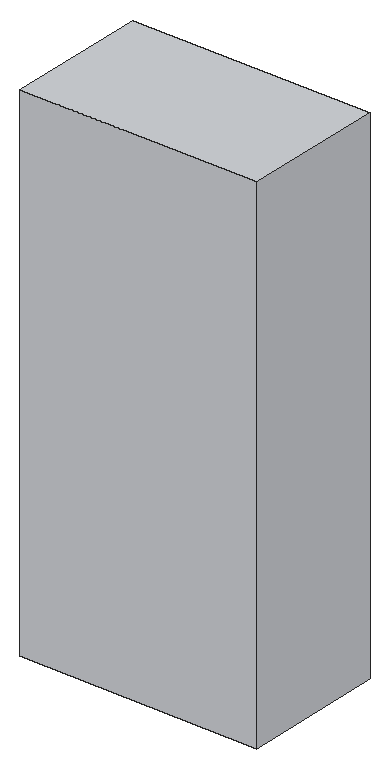
Revit family "PRD_FrankeWS_WtrSplySystmsCtrl_ElectronicModule_ZAQUA031", category Electrical Equipment, Revit 2018
Family settings
  Round Connector Dimension = Use Diameter
  Part Type = Equipment Switch
  OmniClass Number = 23.45.55.11
  OmniClass Title = Sanitary Components
  Work Plane-Based = No
  Always vertical = Yes
  Cut with Voids When Loaded = No
  Shared = No
  Room Calculation Point = No
Parameters (values of type "ZAQUA031")
  WarrantyStartDate [instance] = "1900-12-31T23:59:59"
  WarrantyGuarantorParts = "n/a"
  WarrantyGuarantorLabor = "n/a"
  WarrantyDurationUnit = "year"
  WarrantyDurationParts = "n/a"
  WarrantyDurationLabor = "n/a"
  WarrantyDescription = "n/a"
  Voltage = NominalVoltage  # "24"
  Version = "1"
  UsageCurrent = 0 A
  Uniclass2015Version = "Systems v1.7"
  Uniclass2015Title = "Water supply control systems"
  Uniclass2015Code = "Ss_75_70_52_96"
  URL = "www.kwc.com"
  TagNumber [instance] = "n/a"
  SustainabilityPerformance = "n/a"
  Size = "n/a"
  Shape = "n/a"
  SerialNumber [instance] = "n/a"
  Revision = "n/a"
  ReplacementCost = "n/a"
  ProductInformation = "https://pim.kwc.com/product/2000101509/attachment/datasheet?locale=en"
  PhaseReference = "0"
  PhaseAngle = 0.00°
  NumberOfPoles = 1
  NominalWidth = 0 mm
  NominalVoltage = "24"
  NominalLength = 0 mm
  NominalHeight = 0 mm
  NominalFrequencyRange = "50"
  NominalCurrent = 0 A
  NetWeight = 0.32 kg
  Name = "Electronic module ZAQUA031"
  NBSTypeID = "n/a"
  NBSReference = "75-75-50/110"
  NBSOfficeMasterTag = "n/a"
  NBSNote = "n/a"
  NBSDescription = "Water supply systems control"
  NBSCertification = "n/a"
  ModelReference = "ZAQUA031"
  ModelNumber = "2000101509"
  Model = ModelReference  # "ZAQUA031"
  Material = "n/a"
  ManufacturerURL = "www.kwc.com"
  ManufacturerName = "KWC Group AG"  # constant formula
  Manufacturer = ManufacturerName  # "KWC Group AG"
  InsulationStandardClass = "NotKnown"
  InstallationDate [instance] = "1900-12-31T23:59:59"
  IfcExportType = "NOTDEFINED"
  IfcExportAs = "IfcDistributionElement"
  IP_Code = "68"
  HasProtectiveEarth = yes
  GrossWeight = 0.501 kg
  Grade = "n/a"
  Finish = "n/a"
  Features = "n/a"
  ExpectedLife = "n/a"
  ElectronicModuleMaterial = none
  ElectricalDeviceNominalPower = 0 W
  DurationUnit = "year"
  Description = "Electronic module - A3000 open, for drinking water heater. For ensuring thermal treatment of pipeline systems and fittings. For controlling the drinking-water heater to increase the storage temperature during thermal treatments. Including electronic T-junction and a clip-on temperature sensor with 1.5 m extension cable, 24 V DC."
  Constituents = "n/a"
  Color = "n/a"
  CodePerformance = "n/a"
  Category = "Ss_75_70_52_96, Water supply control systems"
  BarCode [instance] = "n/a"
  BIMObjectName = "PRD_AR_WaterSupplySystemsControl_ElectronicModule_ZAQUA031"
  Author = "Archispace"  # constant formula
  AssetType = "Fixed"
  AssetIdentifier [instance] = "n/a"
  AccessibilityPerformance = "n/a"
Reference planes
  plane 1 "Center (Front/Back)": y = 0
  plane 2: z = 0
  plane 3 "Center (Left/Right)": x = 0
Forms (mm)
  Extrusion 1, solid, material <- "ElectronicModuleMaterial"
    sketch origin (0, 0, 0) x (1, 0, 0) y (0, 0, 1)
      loop
        line (-21, 0) -> (21, 0) -> (21, 90) -> (-21, 90) -> (-21, 0)
    from 0 to 25
Dimensions and locks
  aligned and locked: level to plane 2
Connectors
  electrical at (0, -12.5, 0)
    settings: on Extrusion 1, index 1, voltage 24 V, apparent load 0 VA, apparent load phase1 0 VA, apparent load phase2 0 VA, apparent load phase3 0 VA, power factor 1, load classification "Other", number of poles 1, system type 30, power factor state 1, is connector primary yes, connector utility no, sub classification motor no, connector description ""
